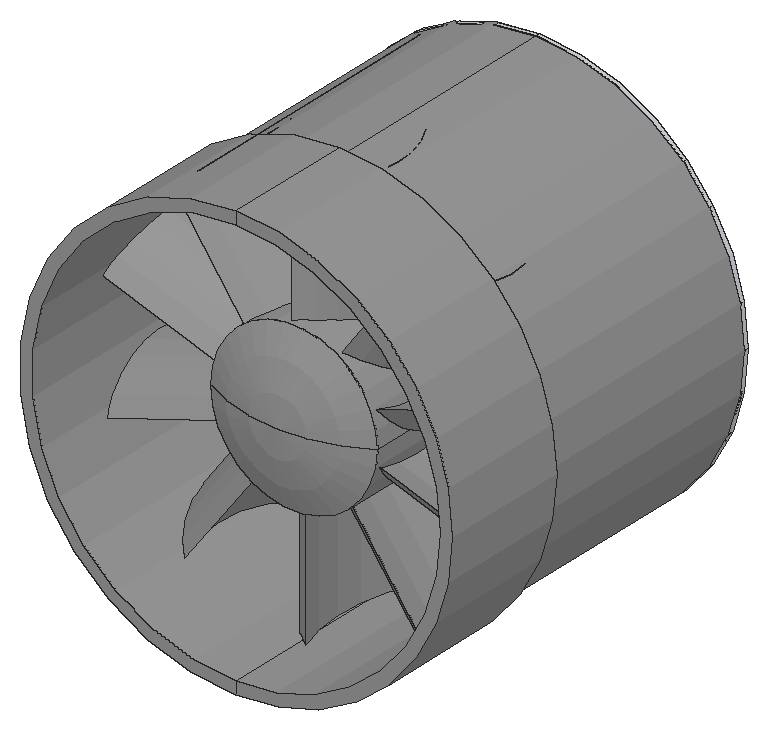
Revit family "ВКО прес_турбо", category Mechanical Equipment, Revit 2021
Family settings
  Round Connector Dimension = Use Diameter
  Classification = None
  Part Type = Normal
  Work Plane-Based = No
  Always vertical = Yes
  Cut with Voids When Loaded = No
  Shared = No
  Room Calculation Point = No
Parameters (values of type "100 ВКО прес")
  Частота = 50 Hz  # constant formula
  Установлена потужність = Напруга * Струм  # 23 W
  Струм = 0.100 A
  Статичний тиск повітря [instance] = 0.0 Pa
  Рівень звукового тиску на відстані 3 м = "39 дБА"
  Потужність = 16 W
  Повітряний потік [instance] = 0.0 m³/h
  Default Elevation = 0 mm
  Напруга = 230 V
  Максимальний потік повітря = 106.0 m³/h
  Класифікація навантаження = "HVAC"
  Manufacturer = "Вентс"  # constant formula
  Діаметр = D  # 100 mm
  Довжина = L  # 91 mm
  Вага = 0.41 kg
  URL = "https://vents.ua/series/vko/"
  Ry = Dy / 2  # 49 mm
  R1 = D1 / 2  # 52 mm
  R = D / 2  # 50 mm
  Кількість фаз = 1
  Матеріал зони обслуговуваня = none
  L1 = 31 mm
  L = 91 mm
  Dy = D - 2 mm  # 98 mm
  D1 = D + 4 mm  # 104 mm
  D = 100 mm
  Матеріал корпусу = Пластмаса, непрозора, біла
  09_Назва системи [instance] = ""
  00_20_Тип = "100 ВКО прес"
  00_20_Назва = "Осьовий вентилятор"
  00_20_Виробник = "Вентс"  # constant formula
Types (7, lengths in mm): name | Установлена потужність | Струм | Рівень звукового тиску на відстані 3 м | Потужність | Максимальний потік повітря | Діаметр | Довжина | Вага | Ry | R1 | R | L1 | L | Dy | D1 | D | 00_20_Тип
  (no name) | 23 W | 0.100 A | "39 дБА" | 16 W | 106.0 m³/h | 100 | 91 | 0.41 kg | 49 | 52 | 50 | 31 | 91 | 98 | 104 | 100 | "100 ВКО прес"
  100 ВКО прес | 23 W | 0.100 A | "39 дБА" | 16 W | 106.0 m³/h | 100 | 91 | 0.41 kg | 49 | 52 | 50 | 31 | 91 | 98 | 104 | 100 | "100 ВКО прес"
  125 ВКО прес | 24.15 W | 0.105 A | "39 дБА" | 24 W | 192.0 m³/h | 125 | 93 | 0.48 kg | 61.5 | 64.5 | 62.5 | 31 | 93 | 123 | 129 | 125 | "125 ВКО прес"
  150 ВКО прес | 29.9 W | 0.130 A | "44 дБА" | 29 W | 312.0 m³/h | 150 | 108 | 0.80 kg | 74 | 77 | 75 | 46 | 108 | 148 | 154 | 150 | "150 ВКО прес"
  100 ВКО турбо | 23 W | 0.100 A | "38 дБА" | 16 W | 135.0 m³/h | 100 | 91 | 0.41 kg | 49 | 52 | 50 | 31 | 91 | 98 | 104 | 100 | "100 ВКО турбо"
  125 ВКО турбо | 24.15 W | 0.105 A | "39 дБА" | 24 W | 243.0 m³/h | 125 | 93 | 0.48 kg | 61.5 | 64.5 | 62.5 | 31 | 93 | 123 | 129 | 125 | "125 ВКО турбо"
  150 ВКО турбо | 29.9 W | 0.130 A | "44 дБА" | 29 W | 358.0 m³/h | 150 | 108 | 0.80 kg | 74 | 77 | 75 | 46 | 108 | 148 | 154 | 150 | "150 ВКО турбо"
Reference planes
  plane 1 "По центру (Вперед/Назад)": y = 0
  plane 2: z = 0
  plane 3 "По центру (Влево/Вправо)": x = 0
Forms (mm)
  Revolve 1, solid, material "Пластмасса, белый"
    sketch origin (0, 0, 0) x (0, 1, 0) y (0, 0, 1)
      loop
        line (60, 49) -> (60, 50) -> (0, 50) -> (0, 52) -> (-31, 52) -> (-31, 49) -> (60, 49)
      axis (60, 0) -> (-31, 0)
    angle from 0 to 360
  Extrusion 2, solid
    sketch origin (0, 0, 0) x (1, 0, 0) y (0, 0, 1)
      loop
        circle (0, 0) r 50
      loop
        circle (0, 0) r 49
    from -60 to -59
Dimensions and locks
  plane 1 "По центру (Вперед/Назад)" to nested 1 = 28 mm
  "Ry": Revolve 1 sketch curve to level
  "R1": Revolve 1 sketch curve to level
  "R": Revolve 1 sketch curve to level
  "L": Revolve 1 sketch curve to Revolve 1 sketch curve
  "L1": plane 1 "По центру (Вперед/Назад)" to Revolve 1 sketch curve
  "D": diameter of Extrusion 2 sketch curve
  "Dy": diameter of Extrusion 2 sketch curve
  aligned and locked: level to plane 2
  aligned and locked: level to nested 1
  aligned and locked: nested 1 to plane 3 "По центру (Влево/Вправо)"
  aligned and locked: Extrusion 2 to Revolve 1
Automatic sketch dimensions
  Revolve 1 sketch curve to level = 0 mm
  Revolve 1 sketch curve to plane 1 "По центру (Вперед/Назад)" = 0 mm
  plane 1 "По центру (Вперед/Назад)" to Revolve 1 sketch curve = 27.473 mm
  Revolve 1 sketch curve to plane 1 "По центру (Вперед/Назад)" = 45 mm
  Extrusion 2 sketch curve to Extrusion 2 sketch curve = 0 mm  (x2)
  Extrusion 2 sketch curve to level = 0 mm
  Extrusion 2 sketch curve to plane 3 "По центру (Влево/Вправо)" = 0 mm
Nested families
  nested 1: "Вентилятор" at (0, 19.445, 0) x (-1, 0, 0) z (0, -1, 0), type "Вентилятор"
Connectors
  hvac at (0, 60, 0), driven by "D"
    settings: on Extrusion 2, index 1, duct flow 0.0 m³/h, flow factor 0, pres drop 0.0 Pa, loss coef 0, conn angle 0.00°, conn width 304.8 mm, conn height 304.8 mm, conn diameter 100 mm, duct sys type 3, conn prof type 0, flow config 0, flow direction 2, loss method 0, conn ref index -1, conn util no, is conn primary yes, conn desc ""
  electrical at (0, 29.045, 0), driven by "Напруга", driven by "Потужність"
    settings: on nested 1, index 2, voltage 230 V, apparent load 16 W, apparent load phase1 0 W, apparent load phase2 0 W, apparent load phase3 0 W, power factor 1, load classification "Прочее", number of poles 1, system type 30, power factor state 1, is connector primary yes, connector utility no, sub classification motor no, connector description ""
Definition of nested family "Вентилятор"
  Parameters (values of type "Вентилятор")
    Default Elevation = 0 mm
    n = 10
    R = Dy / 2  # 49 mm
    Dy = 98 mm
  Reference planes
    plane 1 "По центру (Вперед/Назад)": y = 0
    plane 2: z = 0
    plane 3 "По центру (Влево/Вправо)": x = 0
  Forms (mm)
    Extrusion 1, solid
      sketch origin (5, 0, 0) x (1, 0, 0) y (0, 0, 1)
        loop
          arc (-1.417, 0) -> (-5.784, 15.673) -> (-3.327, 31.756) r 38.725
          arc (-3.327, 31.756) -> (-13.26, 17.281) -> (-10.167, 0) r 23.13
          line (-10.167, 0) -> (-1.417, 0)
      from 17.36 to 49 <- "R"
    Extrusion 2, solid
      sketch origin (4.045, -2.939, 0) x (0.809017, -0.587785, 0) y (0, 0, 1)
        loop
          arc (-1.417, 0) -> (-5.784, 15.673) -> (-3.327, 31.756) r 38.725
          arc (-3.327, 31.756) -> (-13.26, 17.281) -> (-10.167, 0) r 23.13
          line (-10.167, 0) -> (-1.417, 0)
      from 17.36 to 49 <- "R"
    Extrusion 3, solid
      sketch origin (4.045, 2.939, 0) x (0.809017, 0.587785, 0) y (0, 0, 1)
        loop
          arc (-1.417, 0) -> (-5.784, 15.673) -> (-3.327, 31.756) r 38.725
          arc (-3.327, 31.756) -> (-13.26, 17.281) -> (-10.167, 0) r 23.13
          line (-10.167, 0) -> (-1.417, 0)
      from 17.36 to 49 <- "R"
    Extrusion 4, solid
      sketch origin (1.545, 4.755, 0) x (0.309017, 0.951057, 0) y (0, 0, 1)
        loop
          arc (-1.417, 0) -> (-5.784, 15.673) -> (-3.327, 31.756) r 38.725
          arc (-3.327, 31.756) -> (-13.26, 17.281) -> (-10.167, 0) r 23.13
          line (-10.167, 0) -> (-1.417, 0)
      from 17.36 to 49 <- "R"
    Extrusion 5, solid
      sketch origin (-1.545, 4.755, 0) x (-0.309017, 0.951057, 0) y (0, 0, 1)
        loop
          arc (-1.417, 0) -> (-5.784, 15.673) -> (-3.327, 31.756) r 38.725
          arc (-3.327, 31.756) -> (-13.26, 17.281) -> (-10.167, 0) r 23.13
          line (-10.167, 0) -> (-1.417, 0)
      from 17.36 to 49 <- "R"
    Extrusion 6, solid
      sketch origin (-4.045, 2.939, 0) x (-0.809017, 0.587785, 0) y (0, 0, 1)
        loop
          arc (-1.417, 0) -> (-5.784, 15.673) -> (-3.327, 31.756) r 38.725
          arc (-3.327, 31.756) -> (-13.26, 17.281) -> (-10.167, 0) r 23.13
          line (-10.167, 0) -> (-1.417, 0)
      from 17.36 to 49 <- "R"
    Extrusion 7, solid
      sketch origin (-5, 0, 0) x (-1, 0, 0) y (0, 0, 1)
        loop
          arc (-1.417, 0) -> (-5.784, 15.673) -> (-3.327, 31.756) r 38.725
          arc (-3.327, 31.756) -> (-13.26, 17.281) -> (-10.167, 0) r 23.13
          line (-10.167, 0) -> (-1.417, 0)
      from 17.36 to 49 <- "R"
    Extrusion 8, solid
      sketch origin (-4.045, -2.939, 0) x (-0.809017, -0.587785, 0) y (0, 0, 1)
        loop
          arc (-1.417, 0) -> (-5.784, 15.673) -> (-3.327, 31.756) r 38.725
          arc (-3.327, 31.756) -> (-13.26, 17.281) -> (-10.167, 0) r 23.13
          line (-10.167, 0) -> (-1.417, 0)
      from 17.36 to 49 <- "R"
    Revolve 9, solid
      sketch origin (0, 0, 0) x (1, 0, 0) y (0, 0, 1)
        loop
          line (0, -8.555) -> (20, -8.555) -> (20, 33.086)
          arc (20, 33.086) -> (10.356, 37.118) -> (0, 38.543) r 40.436
          line (0, 38.543) -> (0, -8.555)
        axis (0, 38.543) -> (0, -8.555)
      angle from 0 to 360
    Extrusion 10, solid
      sketch origin (-1.545, -4.755, 0) x (-0.309017, -0.951057, 0) y (0, 0, 1)
        loop
          arc (-1.417, 0) -> (-5.784, 15.673) -> (-3.327, 31.756) r 38.725
          arc (-3.327, 31.756) -> (-13.26, 17.281) -> (-10.167, 0) r 23.13
          line (-10.167, 0) -> (-1.417, 0)
      from 17.36 to 49 <- "R"
    Extrusion 11, solid
      sketch origin (1.545, -4.755, 0) x (0.309017, -0.951057, 0) y (0, 0, 1)
        loop
          arc (-1.417, 0) -> (-5.784, 15.673) -> (-3.327, 31.756) r 38.725
          arc (-3.327, 31.756) -> (-13.26, 17.281) -> (-10.167, 0) r 23.13
          line (-10.167, 0) -> (-1.417, 0)
      from 17.36 to 49 <- "R"
    Extrusion 12, solid
      sketch origin (0, 0, 0) x (1, 0, 0) y (0, 1, 0)
        loop
          circle (0, 0) r 20
      from -9.6 to -8.555
  Dimensions and locks
    aligned and locked: level to plane 2
    aligned and locked: Extrusion 12 to Revolve 9
  Automatic sketch dimensions
    Extrusion 1 sketch curve to Extrusion 1 sketch curve = 8.75 mm
    Extrusion 1 sketch curve to Extrusion 1 sketch curve = 10.768 mm
    Extrusion 1 sketch curve to Extrusion 1 sketch curve = 23.52 mm
    Extrusion 1 sketch curve to Extrusion 1 sketch curve = 12.411 mm
    Extrusion 1 sketch curve to Extrusion 1 sketch curve = 5.588 mm
    Extrusion 2 sketch curve to Extrusion 2 sketch curve = 8.75 mm
    Extrusion 2 sketch curve to Extrusion 2 sketch curve = 10.768 mm
    Extrusion 2 sketch curve to Extrusion 2 sketch curve = 23.52 mm
    Extrusion 2 sketch curve to Extrusion 2 sketch curve = 12.411 mm
    Extrusion 2 sketch curve to Extrusion 2 sketch curve = 5.588 mm
    Extrusion 3 sketch curve to Extrusion 3 sketch curve = 8.75 mm
    Extrusion 3 sketch curve to Extrusion 3 sketch curve = 10.768 mm
    Extrusion 3 sketch curve to Extrusion 3 sketch curve = 23.52 mm
    Extrusion 3 sketch curve to Extrusion 3 sketch curve = 12.411 mm
    Extrusion 3 sketch curve to Extrusion 3 sketch curve = 5.588 mm
    Extrusion 4 sketch curve to Extrusion 4 sketch curve = 8.75 mm
    Extrusion 4 sketch curve to Extrusion 4 sketch curve = 10.768 mm
    Extrusion 4 sketch curve to Extrusion 4 sketch curve = 23.52 mm
    Extrusion 4 sketch curve to Extrusion 4 sketch curve = 12.411 mm
    Extrusion 4 sketch curve to Extrusion 4 sketch curve = 5.588 mm
    Extrusion 5 sketch curve to Extrusion 5 sketch curve = 8.75 mm
    Extrusion 5 sketch curve to Extrusion 5 sketch curve = 10.768 mm
    Extrusion 5 sketch curve to Extrusion 5 sketch curve = 23.52 mm
    Extrusion 5 sketch curve to Extrusion 5 sketch curve = 12.411 mm
    Extrusion 5 sketch curve to Extrusion 5 sketch curve = 5.588 mm
    Extrusion 6 sketch curve to Extrusion 6 sketch curve = 8.75 mm
    Extrusion 6 sketch curve to Extrusion 6 sketch curve = 10.768 mm
    Extrusion 6 sketch curve to Extrusion 6 sketch curve = 23.52 mm
    Extrusion 6 sketch curve to Extrusion 6 sketch curve = 12.411 mm
    Extrusion 6 sketch curve to Extrusion 6 sketch curve = 5.588 mm
    Extrusion 7 sketch curve to Extrusion 7 sketch curve = 8.75 mm
    Extrusion 7 sketch curve to Extrusion 7 sketch curve = 10.768 mm
    Extrusion 7 sketch curve to Extrusion 7 sketch curve = 23.52 mm
    Extrusion 7 sketch curve to Extrusion 7 sketch curve = 12.411 mm
    Extrusion 7 sketch curve to Extrusion 7 sketch curve = 5.588 mm
    Extrusion 8 sketch curve to Extrusion 8 sketch curve = 8.75 mm
    Extrusion 8 sketch curve to Extrusion 8 sketch curve = 10.768 mm
    Extrusion 8 sketch curve to Extrusion 8 sketch curve = 23.52 mm
    Extrusion 8 sketch curve to Extrusion 8 sketch curve = 12.411 mm
    Extrusion 8 sketch curve to Extrusion 8 sketch curve = 5.588 mm
    Revolve 9 sketch curve to plane 3 "По центру (Влево/Вправо)" = 0 mm  (x2)
    Revolve 9 sketch curve to plane 3 "По центру (Влево/Вправо)" = 0.288 mm
    plane 3 "По центру (Влево/Вправо)" to Revolve 9 sketch curve = 20 mm
    Revolve 9 sketch curve to level = 8.555 mm
    Revolve 9 sketch curve to level = 1.892 mm
    level to Revolve 9 sketch curve = 33.086 mm
    Revolve 9 sketch curve to Revolve 9 sketch curve = 3.543 mm
    Revolve 9 sketch curve to Revolve 9 sketch curve = 1.457 mm
    Extrusion 10 sketch curve to Extrusion 10 sketch curve = 8.75 mm
    Extrusion 10 sketch curve to Extrusion 10 sketch curve = 10.768 mm
    Extrusion 10 sketch curve to Extrusion 10 sketch curve = 23.52 mm
    Extrusion 10 sketch curve to Extrusion 10 sketch curve = 12.411 mm
    Extrusion 10 sketch curve to Extrusion 10 sketch curve = 5.588 mm
    Extrusion 11 sketch curve to Extrusion 11 sketch curve = 8.75 mm
    Extrusion 11 sketch curve to Extrusion 11 sketch curve = 10.768 mm
    Extrusion 11 sketch curve to Extrusion 11 sketch curve = 23.52 mm
    Extrusion 11 sketch curve to Extrusion 11 sketch curve = 12.411 mm
    Extrusion 11 sketch curve to Extrusion 11 sketch curve = 5.588 mm
    plane 1 "По центру (Вперед/Назад)" to Extrusion 12 sketch curve = 0 mm
    Extrusion 12 sketch curve to plane 3 "По центру (Влево/Вправо)" = 0 mm
    radius of Extrusion 12 sketch curve = 20 mm
